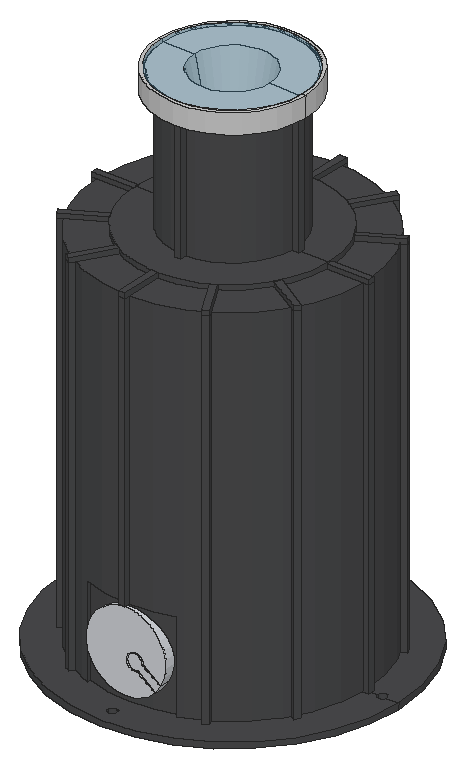
Revit family "FLOOR INGROUND 5W_LKB0125WW.32", category Luminarias, Revit 2019
Family settings
  Cota de conector redondo = Diámetro de uso
  Tipo de pieza = Normal
  Se basa en plano de trabajo = Sí
  Siempre vertical = No
  Corte con vacíos al cargar = No
  Origen de luz = Sí
  Compartido = No
  Punto de cálculo de habitación = No
Parameters (values of type "EMP_LKB0125WW.32")
  Ángulo de inclinación = 105.00°
  Zone [instance] = ""
  Watt per fixture = 6.5
  Wattage = 3.29873 W
  built-in parameter 1150107 = 3000 (stored number, unit not read)
  built-in parameter 1150110 = 1 (stored number, unit not read)
  built-in parameter 1150109 = 1 (stored number, unit not read)
  built-in parameter 1150112 = 1 (stored number, unit not read)
  built-in parameter 1150113 = 1 (stored number, unit not read)
  built-in parameter 1114218 = 1 (stored number, unit not read)
  Keynote = ""
  built-in parameter 1150137 = (empty or 0)
  built-in parameter 1150132 = 2
  Modelo = "LKB0125WW.32"
  Lámpara = "SHARP"
  built-in parameter 1150105 = 38.993 (stored number, unit not read)
  built-in parameter 1150102 = (empty or 0)
  built-in parameter 1150106 = 0.38993 (stored number, unit not read)
  Lumens = 490 lm
  Color Filter = 16777215
  built-in parameter 1114217 = 1 (stored number, unit not read)
  built-in parameter 1150139 = (empty or 0)
  Fabricante = "BRILLANT"
  Default Elevation = 0 mm
  built-in parameter 1150104 = 13.8 (stored number, unit not read)
  Descripción = "LUMINARIA TIPO CIRCULAR PARA EMPOTRAR EN PISO CON CUERPO DE ALUMINIO FUNDIDO A PRESION CUBIERTO CON POLVO GRIS OSCURO, CON CUBIERTA DE ACERO INOXIDABLE Y VIDRIO TEMPLADO DE 4MM, HOUSING TIPO ABS DE 68.8MM DE DIAMETRO Y 149.7MM DE PROFUNDO. CUENTA CON 1 LED COB TIPO SHARP CON UNA POTENCIA TOTAL DE 6.5W, A UNA TEMPERATURA EN BLANCO CALIDO 3000K CON 490 LUMENES, 52mA EN CORRIENTE DE OPERACIÓN, IP67, IK06, IRC 80, DISPONIBLE PARA ATENUAR EN TRIAC (OPCIONAL), APERTURA EN 32 GRADOS POR PROYECTO, ALIMENTADA A 90-240V"
  built-in parameter 1150115 = 1 (stored number, unit not read)
  built-in parameter 1150114 = 1 (stored number, unit not read)
  Comentarios de vataje = "90-240V"
  built-in parameter 1150138 = (empty or 0)
  built-in parameter 1150134 = (empty or 0)
  Circuit [instance] = ""
  Dimming Lamp Color Temperature Shift = (empty or 0)
  Archivo de red fotométrica = "LKB0125WW.IES"
  built-in parameter 1150133 = 10 (stored number, unit not read)
Reference planes
  plane 1 "Centro (Frontal/Posterior)": y = 0
  plane 2: z = 0
  plane 3 "Centro (Izquierda/Derecha)": x = 0
  plane 4: z = -220
  plane 5: z = -128
  plane 6 "PEND": y = 20
  plane 7 "Centro I/E": y = -15
  plane 8: x = -77.5
  plane 9: x = 77.5
Forms (mm)
  Revolve 1, solid, material "Acero Inoxidable"
    sketch origin (0, 0, 0) x (1, 0, 0) y (0, 0, 1)
      loop
        line (-5.847, -45.88) -> (-16.334, 3.457) -> (-29.677, 3.457) -> (-29.677, 2.669) -> (-30.604, 2.669) -> (-30.604, 4.239) -> (-31.899, 4.239) -> (-31.899, -4.48) -> (-31.093, -4.48) -> (-31.093, -0.88) -> (-23.036, -0.88) -> (-23.036, -137.34) -> (-15.607, -137.34) -> (-15.607, -172.34) -> (0, -172.34) -> (0, -45.88) -> (-5.847, -45.88)
      axis (0, 4.239) -> (0, -172.34)
    angle from 0 to 360
  Extrusion 2, solid, material "Cristal"
    sketch origin (0, 0, 0) x (1, 0, 0) y (0, 1, 0)
      loop
        circle (0, 0) r 30.604
    from 3.457 to 4.239
  Extrusion 3, solid, material "Plastico"
    sketch origin (0, 0, 0) x (1, 0, 0) y (0, 1, 0)
      loop
        circle (0, 0) r 10
    from -178.507 to -176.391
  Extrusion 4, solid, material "Cobre"
    sketch origin (0, 0, 0) x (1, 0, 0) y (0, 1, 0)
      loop
        line (12.101, 0) -> (6.051, 10.48) -> (-6.051, 10.48) -> (-12.101, 0) -> (-6.051, -10.48) -> (6.051, -10.48) -> (12.101, 0)
    from -176.391 to -172.578
  Revolve 5, solid, material "Plastico"
    sketch origin (0, 0, 0) x (1, 0, 0) y (0, 0, 1)
      loop
        line (-31.081, -0.88) -> (-31.081, -4.48) -> (-26.899, -4.48) -> (-26.899, -56.964) -> (-41.899, -56.964) -> (-41.899, -59.017) -> (-57.65, -59.017) -> (-57.65, -217.5) -> (-72.11, -217.5) -> (-72.11, -220) -> (-30.747, -220) -> (0, -220) -> (0, -217.5) -> (-54.097, -217.5) -> (-54.097, -62.57) -> (-23.276, -62.57) -> (-23.276, -0.88) -> (-31.081, -0.88)
      axis (0, -0.88) -> (0, -220)
    angle from 0 to 360
  Extrusion 6, solid, material "Plastico"
    sketch origin (0, 0, 0) x (1, 0, 0) y (0, 1, 0)
      loop
        line (-57.635, 1.342) -> (-60.008, 1.342) -> (-60.008, -1.342) -> (-57.635, -1.342)
        arc (-57.635, -1.342) -> (-57.65, 0) -> (-57.635, 1.342) r 59.642
      loop
        arc (-49.228, -29.97) -> (-49.912, -28.815) -> (-50.57, -27.645) r 59.642
        line (-50.57, -27.645) -> (-52.648, -28.844) -> (-51.305, -31.17) -> (-49.228, -29.97)
      loop
        arc (-27.655, -50.585) -> (-28.825, -49.926) -> (-29.98, -49.242) r 59.642
        line (-29.98, -49.242) -> (-31.152, -51.272) -> (-28.827, -52.614) -> (-27.655, -50.585)
      loop
        arc (1.342, -57.635) -> (0, -57.65) -> (-1.342, -57.635) r 59.642
        line (-1.342, -57.635) -> (-1.342, -59.979) -> (1.342, -59.979) -> (1.342, -57.635)
      loop
        arc (57.635, 1.342) -> (57.65, 0) -> (57.635, -1.342) r 59.642
        line (57.635, -1.342) -> (60.008, -1.342) -> (60.008, 1.342) -> (57.635, 1.342)
      loop
        line (49.228, -29.97) -> (51.305, -31.17) -> (52.648, -28.844) -> (50.57, -27.645)
        arc (50.57, -27.645) -> (49.912, -28.815) -> (49.228, -29.97) r 59.642
      loop
        line (27.655, -50.585) -> (28.827, -52.614) -> (31.152, -51.272) -> (29.98, -49.242)
        arc (29.98, -49.242) -> (28.825, -49.926) -> (27.655, -50.585) r 59.642
      loop
        line (-49.228, 29.97) -> (-51.305, 31.17) -> (-52.648, 28.844) -> (-50.57, 27.645)
        arc (-50.57, 27.645) -> (-49.912, 28.815) -> (-49.228, 29.97) r 59.642
      loop
        line (-27.655, 50.585) -> (-28.827, 52.614) -> (-31.152, 51.272) -> (-29.98, 49.242)
        arc (-29.98, 49.242) -> (-28.825, 49.926) -> (-27.655, 50.585) r 59.642
      loop
        line (1.342, 57.635) -> (1.342, 59.979) -> (-1.342, 59.979) -> (-1.342, 57.635)
        arc (-1.342, 57.635) -> (0, 57.65) -> (1.342, 57.635) r 59.642
      loop
        arc (49.228, 29.97) -> (49.912, 28.815) -> (50.57, 27.645) r 59.642
        line (50.57, 27.645) -> (52.648, 28.844) -> (51.305, 31.17) -> (49.228, 29.97)
      loop
        arc (27.655, 50.585) -> (28.825, 49.926) -> (29.98, 49.242) r 59.642
        line (29.98, 49.242) -> (31.152, 51.272) -> (28.827, 52.614) -> (27.655, 50.585)
    from -217.5 to -59.017
  Extrusion 7, void
    sketch origin (3.125, 0, 0) x (1, 0, 0) y (0, 1, 0)
      loop
        circle (-3.125, -65.006) r 1.981
      loop
        circle (61.851, -0.03) r 1.981
      loop
        circle (-68.101, -0.03) r 1.981
      loop
        circle (-3.095, 64.976) r 1.981
    from -220 to -216.767
  Extrusion 8, void
    sketch origin (0, 0, 0) x (1, 0, 0) y (0, 1, 0)
      loop
        line (-1.342, -57.635) -> (-1.342, -59.979) -> (1.342, -59.979) -> (1.342, -57.635) -> (-1.342, -57.635)
    from -217.5 to -178.507
  Extrusion 9, void
    sketch origin (0, 0, 0) x (1, 0, 0) y (0, 1, 0)
      loop
        line (19.48, -54.534) -> (19.48, -52.675)
        arc (19.48, -52.675) -> (0, -56.103) -> (-19.48, -52.675) r 57.056
        line (-19.48, -52.675) -> (-19.48, -54.534)
        arc (-19.48, -54.534) -> (0, -57.963) -> (19.48, -54.534) r 57.056
    from -217.5 to -178.507
  Extrusion 10, solid
    sketch origin (0, 0, 0) x (1, 0, 0) y (0, 0, 1)
      loop
        arc (15.228, -205.467) -> (-13.875, -187.312) -> (12.384, -209.381) r 17.194
        line (12.384, -209.381) -> (4.761, -203.843)
        arc (4.761, -203.843) -> (0.929, -198.068) -> (7.605, -199.928) r 3.698
        line (7.605, -199.928) -> (15.228, -205.467)
      loop
        line (4.897, -203.076) -> (12.864, -208.865) -> (14.886, -206.083) -> (6.918, -200.294)
        arc (6.918, -200.294) -> (1.496, -198.48) -> (4.897, -203.076) r 2.998
    from 53.411 to 57.635
  Extrusion 11, solid, material "Plastico"
    sketch origin (0, 0, 0) x (1, 0, 0) y (0, 1, 0)
      loop
        line (-1.342, -59.979) -> (1.342, -59.979) -> (1.342, -41.877) -> (-1.342, -41.877) -> (-1.342, -59.979)
      loop
        line (-60.008, 1.342) -> (-60.008, -1.342) -> (-41.876, -1.342) -> (-41.876, 1.342) -> (-60.008, 1.342)
      loop
        line (-31.152, -51.272) -> (-28.827, -52.614) -> (-19.776, -36.938) -> (-22.101, -35.595) -> (-31.152, -51.272)
      loop
        line (-52.648, -28.844) -> (-51.305, -31.17) -> (-35.629, -22.119) -> (-36.971, -19.794) -> (-52.648, -28.844)
      loop
        line (60.008, 1.342) -> (41.876, 1.342) -> (41.876, -1.342) -> (60.008, -1.342) -> (60.008, 1.342)
      loop
        line (31.152, -51.272) -> (22.101, -35.595) -> (19.776, -36.938) -> (28.827, -52.614) -> (31.152, -51.272)
      loop
        line (52.648, -28.844) -> (36.971, -19.794) -> (35.629, -22.119) -> (51.305, -31.17) -> (52.648, -28.844)
      loop
        line (-1.342, 59.979) -> (-1.342, 41.877) -> (1.342, 41.877) -> (1.342, 59.979) -> (-1.342, 59.979)
      loop
        line (-31.152, 51.272) -> (-22.101, 35.595) -> (-19.776, 36.938) -> (-28.827, 52.614) -> (-31.152, 51.272)
      loop
        line (-52.648, 28.844) -> (-36.971, 19.794) -> (-35.629, 22.119) -> (-51.305, 31.17) -> (-52.648, 28.844)
      loop
        line (31.152, 51.272) -> (28.827, 52.614) -> (19.776, 36.938) -> (22.101, 35.595) -> (31.152, 51.272)
      loop
        line (52.648, 28.844) -> (51.305, 31.17) -> (35.629, 22.119) -> (36.971, 19.794) -> (52.648, 28.844)
    from -59.017 to -56.964
  Extrusion 12, solid, material "Plastico"
    sketch origin (0, 0, 0) x (1, 0, 0) y (0, 1, 0)
      loop
        line (-1.342, -26.899) -> (-1.342, -29.761) -> (1.342, -29.761) -> (1.342, -26.899) -> (-1.342, -26.899)
      loop
        line (-26.899, 1.342) -> (-29.761, 1.342) -> (-29.761, -1.342) -> (-26.899, -1.342) -> (-26.899, 1.342)
      loop
        line (26.899, 1.342) -> (26.899, -1.342) -> (29.761, -1.342) -> (29.761, 1.342) -> (26.899, 1.342)
      loop
        line (-1.342, 26.899) -> (1.342, 26.899) -> (1.342, 29.761) -> (-1.342, 29.761) -> (-1.342, 26.899)
    from -56.964 to -4.48
Cuts and joins
  Extrusion 7, Extrusion 9 cuts Revolve 5
  Extrusion 7, Extrusion 8, Extrusion 9 cuts Revolve 1
  Extrusion 8 cuts Extrusion 6
Dimensions and locks
  plane 2 to plane 4 = 220 mm
  level to plane 4 = 220 mm
  level to Extrusion 3 = 178.507 mm
  plane 3 "Centro (Izquierda/Derecha)" to Revolve 5 sketch curve = 31.081 mm
  plane 3 "Centro (Izquierda/Derecha)" to Revolve 5 sketch curve = 72.11 mm
  Revolve 1 sketch curve to Revolve 1 sketch curve = 31.899 mm
  aligned and locked: level to plane 2
Connectors
  electrical at (0, 0, -220)
    settings: on cut or joined group of Revolve 5, Extrusion 7, Extrusion 9, index 1, voltage 240 V, apparent load 0 VA, apparent load phase1 0 VA, apparent load phase2 0 VA, apparent load phase3 0 VA, power factor 1, load classification "Otro", number of poles 1, system type 31, power factor state 1, is connector primary yes, connector utility no, sub classification motor no, connector description ""
